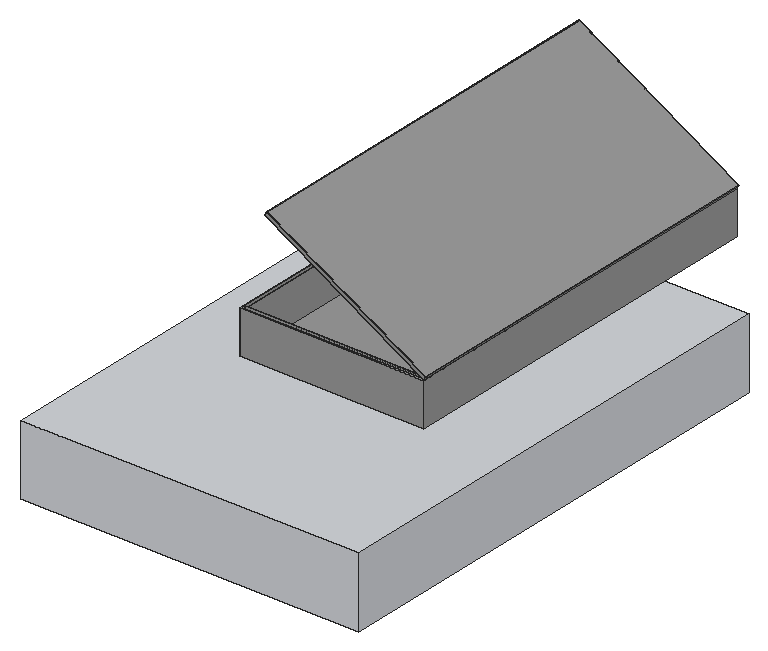
Revit family "Hager-Univers-IP44-D205-H1700-Cl.II-Encl-SE-en", category Equipement électrique, Revit 2020
Family settings
  Hôte = Face
  Configuration du panneau = Deux colonnes, circuits au sein
  Cote de connecteur circulaire = Utiliser le diamètre
  Type d'élément = Tableau de raccordement
  Couper avec des vides une fois chargée = Non
  Partagée = Non
  Point de calcul de pièce = Non
Parameters (values of type "Surface mounted (plaster) IP44 W800 H1700 D205  - FP13SN2")
  Width Control [instance] = if([EF000008 - Width] > Min Width, [EF000008 - Width], Min Width)  # 800 mm
  Commentaires du type = [HG000003 - Range]  # "Univers"
  Thickness Door [instance] = if([EF009171 - Material plate thickness door/cover] > 3 mm, 3 mm, [EF009171 - Material plate thickness door/cover])  # 1 mm
  Seal Frame Offset [instance] = 17 mm  # constant formula
  Plinth Visibility [instance] = [HG000027 - Plinth height] > 0 mm  # no
  Model = ""
  Min Width [instance] = 100 mm  # constant formula
  Min Height [instance] = 100 mm  # constant formula
  Min Depth [instance] = (2 * [EF009170 - Material plate thickness cabinet]) + 1 mm  # 3 mm
  Internal Frame Depth [instance] = (Door System Depth * 0.5)  # 9 mm
  Height Control [instance] = if([EF000040 - Height] > Min Height, [EF000040 - Height], Min Height)  # 1700 mm
  HG000027 - Plinth height = 0 mm
  HG000026 - Floor standing = no
  HG000024 - Bottom section height = 800 mm
  HG000023 - Double section enclosure = no
  HG000016 - Door 3d visibility [instance] = yes
  HG000015 - Clearance visibility [instance] = no
  HG000014 - Door on the right [instance] = yes
  HG000013 - Door on the left [instance] = not([HG000014 - Door on the right])  # no
  HG000012 - Door swing angle [instance] = 30.00°
  HG000010 - Asymmetric doors = no
  HG000009 - Double swing door = no
  HG000006 - Flush mounted = no
  HG000004 - Manufacturer reference = "FP13SN2"
  HG000003 - Range = "Univers"
  HG000002 - With door or cover = yes
  Frame Offset Bottom [instance] = 10 mm  # constant formula
  Frame Offset [instance] = 15 mm  # constant formula
  EF015940 - Cover with overpressure release = no
  EF011959 - Degree of protection (NEMA) = ""
  EF009554 - Number of openings for flange plates = 6
  EF009212 - Cover model = "EV000116 - Closed"
  EF009171 - Material plate thickness door/cover = 1 mm
  EF009170 - Material plate thickness cabinet = 1 mm
  Fabricant = "Hager"  # constant formula
  EF008873 - Nominal current (In) = 400 A
  EF007800 - Suitable for lightning protection = no
  EF006306 - With lock = no
  EF006244 - Transparent cover/door = no
  EF005474 - Degree of protection (IP) = "EV006418 - IP44"
  EF004464 - Type of door = "EV002646 - Single"
  EF004427 - Number of modules = 396
  EF004293 - Impact strength = "EV006815 - IK09"
  EF003532 - Suitable for outdoor use = no
  EF002950 - Width in number of modular spacings = 36
  EF001613 - Circuit integrity = "EV000494 - None"
  EF001596 - Material housing = "EV000179 - Steel"
  EF001131 - Internal depth = 143 mm
  EF001088 - Extension possible = yes
  EF000437 - Number of conduit inlets = 6
  EF000339 - Type of cover = "EV001012 - Cover"
  EF000266 - Number of rows = 11
  EF000218 - Built-in depth = 205 mm
  EF000118 - With mounting plate = no
  EF000116 - RAL-number = "9010"
  EF000049 - Depth = 205 mm
  EF000040 - Height = 1700 mm
  EF000008 - Width = 800 mm
  EF000007 - Colour = "EV000202 - White"
  EF000003 - Mounting method = "EV000384 - Surface mounted (plaster)"
  Door System Leaf Tolerance [instance] = 1.5 mm  # constant formula
  Door System Depth [instance] = 18 mm  # constant formula
  Door Height [instance] = Height Control - [HG000027 - Plinth height]  # 1700 mm
  Depth Control [instance] = if([EF000049 - Depth] > Min Depth, [EF000049 - Depth], Min Depth)  # 205 mm
  Default Elevation = 0 mm
  Connector Offset [instance] = Height Control / 2  # 850 mm
  Bottom Top Plate Trim [instance] = 1.5 mm  # constant formula
  Plinth height Ctrl [instance] = if([HG000027 - Plinth height] > 0 mm, [HG000027 - Plinth height], 12 mm)  # 12 mm
Types (5, lengths in mm): name | Width Control | HG000010 - Asymmetric doors | HG000009 - Double swing door | HG000004 - Manufacturer reference | EF009554 - Number of openings for flange plates | EF008873 - Nominal current (In) | EF004464 - Type of door | EF004427 - Number of modules | EF002950 - Width in number of modular spacings | EF000437 - Number of conduit inlets | EF000008 - Width
  Surface mounted (plaster) IP44 W1050 H1700 D205  - FP14SN2 | 1050 | no | yes | "FP14SN2" | 8 | 400 A | "EV003602 - Double" | 528 | 48 | 8 | 1050
  Surface mounted (plaster) IP44 W1300 H1700 D205  - FP15SN2 | 1300 | yes | yes | "FP15SN2" | 10 | 400 A | "EV003602 - Double" | 660 | 60 | 10 | 1300
  Surface mounted (plaster) IP44 W300 H1700 D205  - FP11SN2 | 300 | no | no | "FP11SN2" | 2 | 250 A | "EV002646 - Single" | 132 | 12 | 2 | 300
  Surface mounted (plaster) IP44 W550 H1700 D205  - FP12SN2 | 550 | no | no | "FP12SN2" | 4 | 250 A | "EV002646 - Single" | 264 | 24 | 4 | 550
  Surface mounted (plaster) IP44 W800 H1700 D205  - FP13SN2 | 800 | no | no | "FP13SN2" | 6 | 400 A | "EV002646 - Single" | 396 | 36 | 6 | 800
Reference planes
  plane 1 "Center (Front/Back)": y = 0
  plane 2: z = 0
  plane 3 "Center (Left/Right)": x = 0
  plane 4: z = 205
  plane 5: y = 1
  plane 6: y = 850
  plane 7: y = 0
  plane 8: y = 1700
  plane 9: z = 0
  plane 10: x = -385
  plane 11: x = 385
  plane 12: x = 384
  plane 13: x = -384
  plane 14: y = 1699
  plane 15: x = -383
  plane 16: x = -400
  plane 17: x = 383
  plane 18: x = 400
  plane 19: x = 399
  plane 20: x = -399
  plane 21: y = 11
  plane 22: y = 1700
  plane 23: y = 1684
  plane 24: z = 187
  plane 25: z = 1
  plane 26: z = 186
  plane 27: z = 204
Forms (mm)
  Extrusion 1, solid
    sketch origin (0, 0, 0) x (1, 0, 0) y (0, 1, 0)
      loop
        line (-702.964, 1305) -> (-702.964, -811.445) -> (766.763, -811.445) -> (766.763, 1305) -> (-702.964, 1305)
    from 0 to -304.8
  Extrusion 2, solid, material "Hager_Steel_RAL7035_Light_Grey", visible <- "Plinth Visibility", detail levels medium+fine
    sketch origin (0, 0, 0) x (1, 0, 0) y (0, 1, 0)
      loop
        line (-400, 0) -> (400, 0) -> (400, 12) -> (-400, 12) -> (-400, 0)
    from 0 to 187
  Extrusion 3, solid, material "Hager_Steel_RAL7035_Light_Grey", detail levels medium+fine
    sketch origin (0, 0, 0) x (1, 0, 0) y (0, 1, 0)
      loop
        line (-400, 0) -> (400, 0) -> (400, 1700) -> (-400, 1700) -> (-400, 0)
    from 0 to 187
  Extrusion 4, void
    sketch origin (0, 0, 0) x (1, 0, 0) y (0, 1, 0)
      loop
        line (-399, 1) -> (399, 1) -> (399, 1699) -> (-399, 1699) -> (-399, 1)
    from 1 to 186
  Extrusion 5, void
    sketch origin (-381.607, -4572, 187) x (0, -1, 0) y (-1, 0, 0)
      loop
        line (-4583, 2.393) -> (-6256, 2.393) -> (-6256, -765.607) -> (-4583, -765.607) -> (-4583, 2.393)
    from 0 to 1 <- "EF009170 - Material plate thickness cabinet"
  Extrusion 6, solid, material "Hager_Steel_RAL7035_Light_Grey", detail levels fine
    sketch origin (0, 0, 187) x (1, 0, 0) y (0, 1, 0)
      loop
        line (-384, 1684) -> (-384, 11) -> (384, 11) -> (384, 1684) -> (-384, 1684)
      loop
        line (-385, 10) -> (385, 10) -> (385, 1685) -> (-385, 1685) -> (-385, 10)
    from 0 to 9 <- "Internal Frame Depth"
  Extrusion 7, solid, material "Hager_Steel_RAL7035_Light_Grey", detail levels coarse
    sketch origin (0, 0, 0) x (1, 0, 0) y (0, 1, 0)
      loop
        line (-400, 0) -> (400, 0) -> (400, 1700) -> (-400, 1700) -> (-400, 0)
    from 0 to 205
  Sweep 8, void
    path in 3D
      loop
        line (-400, 12, 0) -> (400, 12, 0) -> (400, 12, 187) -> (-400, 12, 187) -> (-400, 12, 0)
    profile origin (-400, 12, 93.5) x (-1, 0, 0) y (0, -1, 0)
      loop
        line (0, 0) -> (0, 1.5) -> (-1.5, 1.5)
        arc (-1.5, 1.5) -> (-1.061, 0.439) -> (0, 0) r 1.5
Cuts and joins
  Extrusion 4, Extrusion 5 cuts Extrusion 3
  Sweep 8 cuts Extrusion 2
Lines and regions (mm)
  Masking region 1
    outline origin (0, 0, 0) x (1, 0, 0) y (0, 0, 1)
      loop
        line (-400, 205) -> (-400, 0) -> (400, 0) -> (400, 205) -> (-400, 205)
  Masking region 2, detail levels medium+fine
    outline origin (0, 140, 0) x (0, 1, 0) y (0, 0, 1)
      loop
        line (-140, 0) -> (1560, 0) -> (1560, 187) -> (-140, 187) -> (-140, 0)
  Masking region 3, not visible, detail levels medium+fine
    outline origin (0, 297.922, 0) x (0, 1, 0) y (0, 0, 1)
      loop
        line (563.578, 0) -> (603.578, 0) -> (603.578, 194)
        arc (603.578, 194) -> (600.649, 201.071) -> (593.578, 204) r 10
        line (593.578, 204) -> (563.578, 204) -> (563.578, 0)
  Masking region 4, detail levels coarse
    outline origin (0, 0, 180) x (0, 1, 0) y (0, 0, 1)
      loop
        line (0, -180) -> (1700, -180) -> (1700, 25) -> (0, 25) -> (0, -180)
  Masking region 5, visible <- "Plinth Visibility", detail levels medium+fine
    outline origin (0, 52.24, 12.345) x (0, 0, -1) y (0, 1, 0)
      loop
        line (10.845, -40.24) -> (-173.155, -40.24)
        arc (-173.155, -40.24) -> (-173.594, -41.301) -> (-174.655, -41.74) r 1.5
        line (-174.655, -41.74) -> (-174.655, -52.24) -> (12.345, -52.24) -> (12.345, -41.74)
        arc (12.345, -41.74) -> (11.285, -41.301) -> (10.845, -40.24) r 1.5
  Masking region 6, detail levels medium+fine
    outline origin (-381.607, -4572, 187) x (-1, 0, 0) y (0, -1, 0)
      loop
        line (18.393, -6272) -> (18.393, -4572) -> (-781.607, -4572) -> (-781.607, -6272) -> (18.393, -6272)
  Masking region 7, visible <- "Plinth Visibility", detail levels medium+fine
    outline origin (-381.607, -4727, 187) x (-1, 0, 0) y (0, -1, 0)
      loop
        arc (16.893, -4739) -> (17.332, -4737.939) -> (18.393, -4737.5) r 1.5
        line (18.393, -4737.5) -> (18.393, -4727) -> (-781.607, -4727) -> (-781.607, -4737.5)
        arc (-781.607, -4737.5) -> (-780.546, -4737.939) -> (-780.107, -4739) r 1.5
        line (-780.107, -4739) -> (16.893, -4739)
  Masking region 8, detail levels coarse
    outline origin (-442.548, -4669.526, 187) x (-1, 0, 0) y (0, -1, 0)
      loop
        line (-42.548, -6369.526) -> (-42.548, -4669.526) -> (-842.548, -4669.526) -> (-842.548, -6369.526) -> (-42.548, -6369.526)
  sketch lines
    curve 1: line (-400, 12, 187) -> (-400, 12, 0)
    curve 2: line (400, 12, 187) -> (-400, 12, 187)
    curve 3: line (400, 12, 187) -> (400, 12, 0)
    curve 4: line (-400, 12, 0) -> (400, 12, 0)
Dimensions and locks
  "Depth Control": plane 4 to Extrusion 1
  "HG000027 - Plinth height": plane 1 "Center (Front/Back)" to plane 7
  "EF009170 - Material plate thickness cabinet": plane 5 to plane 7
  locked: connector elem to plane 3 "Center (Left/Right)"
  equal spacing: plane 8, plane 6, plane 7
  locked: connector elem to plane 6
  "EF009170 - Material plate thickness cabinet": plane 8 to plane 14
  "EF009170 - Material plate thickness cabinet": plane 10 to plane 13
  "EF009170 - Material plate thickness cabinet": plane 12 to plane 11
  "Frame Offset": plane 20 to plane 13
  "Frame Offset": plane 12 to plane 19
  "EF009170 - Material plate thickness cabinet": plane 16 to plane 20
  "EF009170 - Material plate thickness cabinet": plane 19 to plane 18
  "Seal Frame Offset": plane 16 to plane 15
  "Seal Frame Offset": plane 17 to plane 18
  "Frame Offset Bottom": plane 21 to plane 5
  "Frame Offset": plane 14 to plane 23
  equal spacing: plane 16, plane 3 "Center (Left/Right)", plane 18
  "Width Control": plane 16 to plane 18
  "EF009170 - Material plate thickness cabinet": plane 4 to plane 27
  "EF009170 - Material plate thickness cabinet": plane 24 to plane 26
  "EF009170 - Material plate thickness cabinet": plane 25 to level
  "Door System Depth": plane 4 to plane 24
  "Height Control": plane 1 "Center (Front/Back)" to Extrusion 7 sketch curve
  "Height Control": Masking region 4 sketch curve to plane 1 "Center (Front/Back)"
  "Height Control": plane 1 "Center (Front/Back)" to plane 22
  "Bottom Top Plate Trim": profile plane to Sweep 8 sketch curve
  "Bottom Top Plate Trim": Sweep 8 sketch curve to profile plane
  "Plinth height Ctrl": plane 1 "Center (Front/Back)" to Extrusion 2 sketch curve
  "Plinth height Ctrl": Masking region 5 sketch curve to plane 1 "Center (Front/Back)"
  "Plinth height Ctrl": plane 1 "Center (Front/Back)" to Masking region 7 sketch curve
  "Thickness Door": Extrusion 6 sketch curve to Extrusion 6 sketch curve  (x3)
  "Thickness Door": cut or joined group of Extrusion 3, Extrusion 4, Extrusion 5 to Extrusion 6 sketch curve
  radius of Masking region 3 sketch curve = 10 mm
  "Bottom Top Plate Trim": radius of Masking region 5 sketch curve  (x2)
  "Bottom Top Plate Trim": radius of Sweep 8 sketch curve
  "Bottom Top Plate Trim": radius of Masking region 7 sketch curve  (x2)
  aligned and locked: plane 2 to Extrusion 1
  aligned and locked: level to Extrusion 1
  aligned and locked: level to Masking region 1 sketch curve
  aligned and locked: Masking region 1 sketch curve to plane 18
  aligned and locked: Masking region 1 sketch curve to plane 16
  aligned and locked: plane 7 to Masking region 2 sketch curve
  aligned and locked: level to Masking region 3 sketch curve
  aligned and locked: Masking region 3 sketch curve to plane 27
  aligned and locked: level to Masking region 2 sketch curve
  aligned and locked: plane 1 "Center (Front/Back)" to Extrusion 2 sketch curve
  aligned and locked: Extrusion 3 sketch curve to plane 7
  aligned and locked: plane 16 to Extrusion 3 sketch curve
  aligned and locked: plane 18 to Extrusion 3 sketch curve
  aligned and locked: plane 20 to Extrusion 4 sketch curve
  aligned and locked: plane 19 to Extrusion 4 sketch curve
  aligned and locked: Extrusion 4 sketch curve to plane 5
  aligned and locked: Extrusion 4 to plane 25
  aligned and locked: plane 26 to Extrusion 4
  aligned and locked: plane 24 to Extrusion 3
  aligned and locked: Extrusion 5 sketch curve to plane 21
  aligned and locked: Extrusion 5 sketch curve to plane 13
  aligned and locked: Extrusion 5 sketch curve to plane 12
  aligned and locked: plane 18 to Extrusion 7 sketch curve
  aligned and locked: plane 1 "Center (Front/Back)" to Extrusion 7 sketch curve
  aligned and locked: plane 16 to Extrusion 7 sketch curve
  aligned and locked: plane 4 to Extrusion 7
  aligned and locked: Extrusion 7 to level
  aligned and locked: level to Masking region 4 sketch curve
  aligned and locked: Masking region 4 sketch curve to plane 1 "Center (Front/Back)"
  aligned and locked: Masking region 4 sketch curve to plane 4
  aligned and locked: nested 1 to level
  aligned and locked: nested 1 to plane 16
  aligned and locked: plane 8 to Extrusion 3 sketch curve
  aligned and locked: plane 23 to Extrusion 5 sketch curve
  aligned and locked: plane 14 to Extrusion 4 sketch curve
  aligned and locked: Masking region 2 sketch curve to plane 8
  aligned and locked: level to Masking region 5 sketch curve
  aligned and locked: plane 16 to Extrusion 2 sketch curve
  aligned and locked: plane 18 to Extrusion 2 sketch curve
  aligned and locked: Masking region 5 sketch curve to plane 24
  aligned and locked: Masking region 2 sketch curve to plane 24
  aligned and locked: plane 24 to Extrusion 2
  aligned and locked: profile plane to Sweep 8 sketch curve  (x2)
  aligned and locked: Masking region 6 sketch curve to plane 18
  aligned and locked: Masking region 6 sketch curve to plane 22
  aligned and locked: Masking region 6 sketch curve to plane 16
  aligned and locked: plane 8 to plane 22
  aligned and locked: Masking region 6 sketch curve to plane 7
  aligned and locked: Masking region 7 sketch curve to plane 16
  aligned and locked: Masking region 7 sketch curve to plane 1 "Center (Front/Back)"
  aligned and locked: Masking region 7 sketch curve to plane 18
  aligned and locked: Masking region 8 sketch curve to plane 1 "Center (Front/Back)"
  aligned and locked: Masking region 8 sketch curve to plane 18
  aligned and locked: Masking region 8 sketch curve to plane 22
  aligned and locked: Masking region 8 sketch curve to plane 16
  aligned and locked: nested 2 to plane 7
  aligned and locked: plane 3 "Center (Left/Right)" to nested 2
  aligned and locked: nested 2 to plane 24
  aligned and locked: Extrusion 6 sketch curve to cut or joined group of Extrusion 3, Extrusion 4, Extrusion 5  (x4)
Automatic sketch dimensions
  Extrusion 1 sketch curve to Extrusion 1 sketch curve = 1469.727 mm
  Extrusion 1 sketch curve to Extrusion 1 sketch curve = 2116.445 mm
  Masking region 1 sketch curve to plane 4 = 0 mm
  plane 6 to Masking region 3 sketch curve = 11.5 mm
  Masking region 3 sketch curve to Masking region 3 sketch curve = 30 mm
  Masking region 5 sketch curve to plane 1 "Center (Front/Back)" = 0 mm
Nested families
  nested 1: "Hager_Enclosure_Symbol" at (-400, 0, 0) x (1, 0, 0) z (0, -1, 0), Height <- "Depth Control", Width <- "Width Control", type "Hager_Enclosure_Symbol"
    with Width_Ctrl 800 mm, Width 800 mm, Height_Ctrl 205 mm, Height 205 mm, A_Width_Int 13.453 mm, A_Width 161.438 mm, A_Height_Ctrl 179.375 mm, A_Height 179.375 mm
  nested 2: "EC000058_Univers_Door" at (0, 0, 187) x (1, 0, 0) z (0, 1, 0), Leaf_Tolerance <- "Door System Leaf Tolerance", Angle <- "HG000012 - Door swing angle", Door_Depth <- "Door System Depth", Door_Left <- "HG000013 - Door on the left", Transparent <- "EF006244 - Transparent cover/door", Assymetrical <- "HG000010 - Asymmetric doors", Width <- "Width Control", Clearance <- "HG000015 - Clearance visibility", Double <- "HG000009 - Double swing door", 3d_Door <- "HG000016 - Door 3d visibility", Lock_Visibility <- "EF006306 - With lock", Width_Ctrl <- "Width Control", Door_Right <- "HG000014 - Door on the right", Door <- "HG000002 - With door or cover", Height <- "Door Height", Thickness <- "Thickness Door", type "EC000058_Univers_Door", detail levels medium+fine
    with min_wh 3 mm, Width_Ctrl 800 mm, Width 800 mm, Transparent no, Thickness 1 mm, Seal_Material Hager_Rubber, Lock_Visibility no, Lock_Material Hager_Plastic_RAL9005_Jet_Black, Leaf_Width 800 mm, Leaf_Tolerance_External_Sides 0 mm, Leaf_Tolerance 1.5 mm, Leaf_Offset 0 mm, Leaf_Height 1697 mm, Leaf_2_Width 800 mm, Leaf_2_Offset 400 mm, Leaf_1_Width 800 mm, Leaf_1_Offset 400 mm, Height_Ctrl 1700 mm, Height 1700 mm, Glass_Material Hager_Glass, Double_Clearance_Ctrl no, Double no, Door_Right_Ctrl yes, Door_Right yes, Door_Material Hager_Steel_RAL7035_Light_Grey, Door_Left_Ctrl no, Door_Left no, Door_Depth 18 mm, Door yes, Clearance_Material Hager_Clearance, Clearance_Depth 800 mm, Clearance_Ctrl no, Clearance no, Assymetrical no, Angle 30.00°, 3d_Door yes
Connectors
  electrical at (0, 850, 0)
    settings: on plane 9, index 1, voltage 0 V, apparent load 0 VA, apparent load phase1 0 VA, apparent load phase2 0 VA, apparent load phase3 0 VA, power factor 1, load classification "Other", number of poles 1, system type 30, power factor state 1, is connector primary yes, connector utility no, sub classification motor no, connector description ""
Definition of nested family "EC000058_Univers_Door"
  Parameters (values of type "EC000058_Univers_Door")
    min_wh [instance] = (2 * Thickness) + 1 mm  # 11 mm
    Width_Ctrl [instance] = 400 mm
    Width [instance] = 500 mm
    Transparent [instance] = yes
    Thickness [instance] = 5 mm
    Seal_Material [instance] = none
    Lock_Visibility [instance] = yes
    Lock_Material [instance] = none
    Leaf_Width [instance] = if((Width_Ctrl - 2 * Leaf_Tolerance_External_Sides) > 0 mm, (Width_Ctrl - 2 * Leaf_Tolerance_External_Sides), min_wh)  # 400 mm
    Leaf_Tolerance_External_Sides [instance] = 0 mm  # constant formula
    Leaf_Tolerance [instance] = 1.5 mm
    Leaf_Offset [instance] = 0 mm  # constant formula
    Leaf_Height [instance] = if((Height_Ctrl - 2 * Leaf_Tolerance) > 0 mm, (Height_Ctrl - 2 * Leaf_Tolerance), min_wh)  # 497 mm
    Leaf_2_Width [instance] = if(and(and(Double, Assymetrical), Door_Left), (Leaf_Width / 3) - (Leaf_Tolerance / 2), if(and(and(Double, Assymetrical), Door_Right), (Leaf_Width / 3) * 2 - (Leaf_Tolerance / 2), if(and(Double, not(Assymetrical)), (Leaf_Width / 2) - Leaf_Tolerance, Leaf_Width)))  # 400 mm
    Leaf_2_Offset [instance] = if(and(Double, Assymetrical), Leaf_2_Width / 2, if(and(Double, not(Assymetrical)), Leaf_Width / 4, Leaf_Width / 2))  # 200 mm
    Leaf_1_Width [instance] = if(and(and(Double, Assymetrical), Door_Right), (Leaf_Width / 3) - (Leaf_Tolerance / 2), if(and(and(Double, Assymetrical), Door_Left), (Width / 3) * 2 - (Leaf_Tolerance / 2), if(and(Double, not(Assymetrical)), (Leaf_Width / 2) - Leaf_Tolerance, Leaf_Width)))  # 400 mm
    Leaf_1_Offset [instance] = if(and(Double, Assymetrical), Leaf_1_Width / 2, if(and(Double, not(Assymetrical)), Leaf_Width / 4, Leaf_Width / 2))  # 200 mm
    Height_Ctrl [instance] = if(Height > min_wh, Height, min_wh)  # 500 mm
    Height [instance] = 500 mm
    Glass_Material [instance] = none
    Double_Clearance_Ctrl [instance] = and(Double, Clearance)  # no
    Double [instance] = no
    Door_Right_Ctrl [instance] = and(or(Door_Right, Double), Door)  # yes
    Door_Right [instance] = yes
    Door_Material [instance] = none
    Door_Left_Ctrl [instance] = and(or(Door_Left, Double), Door)  # no
    Door_Left [instance] = no
    Door_Depth [instance] = 30 mm
    Door [instance] = yes
    Default Elevation = 1219.2 mm
    Clearance_Material [instance] = none
    Clearance_Depth [instance] = if(Leaf_1_Width > Leaf_2_Width, Leaf_1_Width, Leaf_2_Width)  # 400 mm
    Clearance_Ctrl [instance] = and(not(Double), Clearance)  # yes
    Clearance [instance] = yes
    Assymetrical [instance] = yes
    Angle [instance] = 30.00°
    3d_Door [instance] = yes
  Reference planes
    plane 1 "Center (Front/Back)": y = 0
    plane 2 "Bottom": z = 0
    plane 3 "Center (Left/Right)": x = 0
    plane 4: z = 500
    plane 5: x = -200
    plane 6: x = 200
    plane 7: z = 500
    plane 8: x = -200
    plane 9: z = 0
    plane 10: x = 200
    plane 11: y = 0
    plane 12: z = 1.5
    plane 13: x = -600
    plane 14: y = -400
    plane 15: x = 600
    plane 16: x = 0
    plane 17: x = 0
    plane 18: x = -200
    plane 19: x = 200
    plane 20: z = 498.5
  Forms (mm)
    Extrusion 1, solid, material <- "Clearance_Material", visible <- "Double_Clearance_Ctrl"
      sketch origin (1200, 0, 0) x (1, 0, 0) y (0, 0, -1)
        loop
          line (-1800, -498.5) -> (-600, -498.5) -> (-600, 0) -> (-1800, 0) -> (-1800, -498.5)
      from 0 to -400
  Dimensions and locks
    equal spacing: plane 5, plane 3 "Center (Left/Right)", plane 6
    "Width_Ctrl": plane 5 to plane 6
    "Leaf_Offset": plane 5 to plane 8
    "Leaf_Offset": plane 6 to plane 10
    "Leaf_Offset": plane 9 to level
    "Leaf_Offset": plane 4 to plane 7
    "Height_Ctrl": plane 4 to level
    "Leaf_Tolerance": plane 12 to plane 9
    locked: plane 11 to plane 1 "Center (Front/Back)"
    "Leaf_1_Offset": plane 18 to plane 16
    "Leaf_2_Offset": plane 17 to plane 19
    "Leaf_1_Width": plane 13 to plane 8
    "Leaf_2_Width": plane 10 to plane 15
    "Clearance_Depth": plane 14 to plane 1 "Center (Front/Back)"
    "Leaf_Tolerance_External_Sides": plane 8 to plane 18
    "Leaf_Tolerance_External_Sides": plane 19 to plane 10
    "Leaf_Tolerance": plane 7 to plane 20
    aligned and locked: level to plane 2 "Bottom"
    aligned and locked: nested 1 to plane 16
    aligned and locked: nested 2 to plane 17
    aligned and locked: Extrusion 1 to plane 13
    aligned and locked: plane 15 to Extrusion 1
    aligned and locked: Extrusion 1 to plane 14
    aligned and locked: plane 12 to nested 1
    aligned and locked: nested 2 to plane 12
    aligned and locked: Extrusion 1 to plane 11
    aligned and locked: plane 20 to Extrusion 1
    aligned and locked: nested 2 to plane 11
    aligned and locked: nested 1 to plane 11
  Automatic sketch dimensions
    Extrusion 1 sketch curve to level = 0 mm
    plane 5 to Extrusion 1 sketch curve = 400 mm
    plane 6 to Extrusion 1 sketch curve = 400 mm
    Extrusion 1 sketch curve to plane 4 = 1.5 mm
  Nested families
    nested 1: "EC000058_Univers_Door_Leaf" at (0, 0, 1.5), Width <- "Leaf_1_Width", visible <- "Door_Left_Ctrl", Leaf_Height <- "Leaf_Height", Angle <- "Angle", 3d_Door <- "3d_Door", Transparent <- "Transparent", Clearance Material <- "Clearance_Material", Clearance <- "Clearance_Ctrl", Door_Material <- "Door_Material", Glass_Material <- "Glass_Material", Door_Depth <- "Door_Depth", Lock_Material <- "Lock_Material", Seal_Material <- "Seal_Material", Lock_Visibility <- "Lock_Visibility", Thickness <- "Thickness", type "EC000058_Univers_Door_Leaf"
      with Width 400 mm, Transparent_Glass_Offset 30 mm, Transparent_Ctrl yes, Transparent yes, Thickness 5 mm, Standard no, Seal_Material none, Seal_D2 8 mm, Seal_D1 1 mm, Offset_Internal_Frame 10 mm, Lock_Width 20 mm, Lock_Visibility_3d yes, Lock_Visibility yes, Lock_Thickness_3 3 mm, Lock_Thickness_2 1 mm, Lock_Thickness_1 3 mm, Lock_Radius_Offset_2 16 mm, Lock_Radius_Offset_1 15 mm, Lock_Radius_2 5 mm, Lock_Radius 6 mm, Lock_Offset 5 mm, Lock_Material none, Lock_Height 80 mm, Lock_Cover_Top_Offset_2d 17 mm, Lock_Cover_Height -65 mm, Leaf_Height 497 mm, Internal_Seal_Thickness 8 mm, Internal_Seal_Depth_2 4.5 mm, Internal_Frame_Depth 25 mm, Glass_Thickness -1 mm, Glass_Offset -2 mm, Glass_Material none, Door_Material none, Door_Depth 30 mm, Clearance Material none, Clearance yes, Angle_Ctrl 30.00°, Angle 30.00°, 3d_Door yes
    nested 2: "EC000058_Univers_Door_Leaf" at (0, 0, 1.5) x (-1, 0, 0) z (0, 0, 1), Width <- "Leaf_2_Width", visible <- "Door_Right_Ctrl", Leaf_Height <- "Leaf_Height", Angle <- "Angle", 3d_Door <- "3d_Door", Transparent <- "Transparent", Clearance Material <- "Clearance_Material", Clearance <- "Clearance_Ctrl", Door_Material <- "Door_Material", Glass_Material <- "Glass_Material", Door_Depth <- "Door_Depth", Lock_Material <- "Lock_Material", Seal_Material <- "Seal_Material", Lock_Visibility <- "Lock_Visibility", Thickness <- "Thickness", type "EC000058_Univers_Door_Leaf"
      with Width 400 mm, Transparent_Glass_Offset 30 mm, Transparent_Ctrl yes, Transparent yes, Thickness 5 mm, Standard no, Seal_Material none, Seal_D2 8 mm, Seal_D1 1 mm, Offset_Internal_Frame 10 mm, Lock_Width 20 mm, Lock_Visibility_3d yes, Lock_Visibility yes, Lock_Thickness_3 3 mm, Lock_Thickness_2 1 mm, Lock_Thickness_1 3 mm, Lock_Radius_Offset_2 16 mm, Lock_Radius_Offset_1 15 mm, Lock_Radius_2 5 mm, Lock_Radius 6 mm, Lock_Offset 5 mm, Lock_Material none, Lock_Height 80 mm, Lock_Cover_Top_Offset_2d 17 mm, Lock_Cover_Height -65 mm, Leaf_Height 497 mm, Internal_Seal_Thickness 8 mm, Internal_Seal_Depth_2 4.5 mm, Internal_Frame_Depth 25 mm, Glass_Thickness -1 mm, Glass_Offset -2 mm, Glass_Material none, Door_Material none, Door_Depth 30 mm, Clearance Material none, Clearance yes, Angle_Ctrl 30.00°, Angle 30.00°, 3d_Door yes
  Definition of nested family "EC000058_Univers_Door_Leaf"
    Parameters (values of type "EC000058_Univers_Door_Leaf")
      Width [instance] = 2000 mm
      Transparent_Glass_Offset [instance] = 30 mm
      Transparent_Ctrl [instance] = and(Transparent, [3d_Door])  # yes
      Transparent [instance] = yes
      Thickness [instance] = 5 mm
      Standard [instance] = and(not(Transparent), [3d_Door])  # no
      Seal_Material [instance] = none
      Seal_D2 [instance] = 8 mm  # constant formula
      Seal_D1 [instance] = 1 mm  # constant formula
      Offset_Internal_Frame [instance] = 10 mm  # constant formula
      Lock_Width [instance] = 20 mm  # constant formula
      Lock_Visibility_3d [instance] = and(Lock_Visibility, [3d_Door])  # yes
      Lock_Visibility [instance] = yes
      Lock_Thickness_3 [instance] = 3 mm  # constant formula
      Lock_Thickness_2 [instance] = 1 mm  # constant formula
      Lock_Thickness_1 [instance] = 3 mm  # constant formula
      Lock_Radius_Offset_2 [instance] = Lock_Radius_Offset_1 + 1 mm  # 16 mm
      Lock_Radius_Offset_1 [instance] = 15 mm  # constant formula
      Lock_Radius_2 [instance] = Lock_Radius - 1 mm  # 5 mm
      Lock_Radius [instance] = 6 mm  # constant formula
      Lock_Offset [instance] = 5 mm  # constant formula
      Lock_Material [instance] = none
      Lock_Height [instance] = 80 mm  # constant formula
      Lock_Cover_Top_Offset_2d [instance] = Lock_Radius_Offset_2 + 1 mm  # 17 mm
      Lock_Cover_Height [instance] = -(Lock_Height - Lock_Radius_Offset_1)  # -65 mm
      Leaf_Height [instance] = 2720.336 mm
      Internal_Seal_Thickness [instance] = 8 mm  # constant formula
      Internal_Seal_Depth_2 [instance] = 4.5 mm  # constant formula
      Internal_Frame_Depth [instance] = if(Door_Depth - Thickness > 5 mm, Door_Depth - Thickness, 5 mm)  # 25 mm
      Glass_Thickness [instance] = if(Thickness > 15 mm, Glass_Offset + 10 mm, -1 mm)  # -1 mm
      Glass_Offset [instance] = if(Thickness > 15 mm, -(Thickness + 10 mm) / 2, -2 mm)  # -2 mm
      Glass_Material [instance] = none
      Door_Material [instance] = none
      Door_Depth [instance] = 30 mm
      Default Elevation = 0 mm
      Clearance Material [instance] = none
      Clearance [instance] = yes
      Angle_Ctrl [instance] = if(Angle > 180.00°, 180.00°, Angle)  # 90.00°
      Angle [instance] = 90.00°
      3d_Door [instance] = yes
    Reference planes
      plane 1 "Center (Front/Back)": y = 0
      plane 2: z = 0
      plane 3 "Center (Left/Right)": x = 0
      plane 4: y = 2000
      plane 5: x = -1000
      plane 6: x = 1000
      plane 7: x = -3000
      plane 8: z = 2720.336
      plane 9: z = 30
      plane 10: z = 2690.336
      plane 11: x = 970
      plane 12: x = -970
      plane 13: y = -3
      plane 14: z = 107.833
      plane 15: y = -5
      plane 16: y = -223.314
      plane 17: x = -1000
      plane 18: z = 1360.168
      plane 19: y = 30
    Forms (mm)
      Extrusion 1, solid, material <- "Clearance Material", visible <- "Clearance"
        sketch origin (0, 0, 0) x (1, 0, 0) y (0, 0, 1)
          loop
            line (-3000, 2720.336) -> (-3000, 0) -> (1000, 0) -> (1000, 2720.336) -> (-3000, 2720.336)
        from 0 to -2000
      Extrusion 2, solid, material <- "Door_Material", visible <- "Standard", detail levels medium+fine
        sketch origin (-1000, 0, 0) x (0, 1, 0) y (-1, 0, 0)
          loop
            line (0, 30) -> (0, 25) -> (2000, 25) -> (2000, 30) -> (0, 30)
        from 0 to 2720.336 <- "Leaf_Height"
      Extrusion 3, solid, material <- "Door_Material", visible <- "Transparent_Ctrl", detail levels medium+fine
        sketch origin (-1000, 0, 0) x (0, 1, 0) y (-1, 0, 0)
          loop
            line (0, 25) -> (2000, 25) -> (2000, 30) -> (0, 30) -> (0, 25)
        from 0 to 2720.336 <- "Leaf_Height"
      Extrusion 4, void
        sketch origin (-1025, 2000, 0) x (0, 1, 0) y (0, 0, -1)
          loop
            line (-30, -2690.336) -> (-30, -30) -> (-1970, -30) -> (-1970, -2690.336) -> (-30, -2690.336)
        from 0 to 5 <- "Thickness"
      Sweep 5, solid, material <- "Seal_Material", visible <- "Transparent_Ctrl", detail levels fine
        path in 3D
          loop
            line (-1025, 30, 30) -> (-1025, 30, 2690.336) -> (-1025, 1970, 2690.336) -> (-1025, 1970, 30) -> (-1025, 30, 30)
        profile origin (-1025, 1000, 30) x (1, 0, 0) y (0, 0, 1)
          loop
            line (0, 0) -> (0, -8) -> (1, -8) -> (1, 0) -> (0, 0)
      Extrusion 6, solid, material <- "Glass_Material", visible <- "Transparent_Ctrl", detail levels medium+fine
        sketch origin (-1030, 0, 0) x (0, 1, 0) y (0, 0, -1)
          loop
            line (1970, -2690.336) -> (1970, -30) -> (30, -30) -> (30, -2690.336) -> (1970, -2690.336)
        from -2 <- "Glass_Offset" to -1 <- "Glass_Thickness"
      Extrusion 7, solid, material <- "Door_Material", visible <- "3d_Door", detail levels medium+fine
        sketch origin (-1025, 2000, 0) x (0, -1, 0) y (0, 0, -1)
          loop
            line (0, -2720.336) -> (2000, -2720.336) -> (2000, 0) -> (0, 0) -> (0, -2720.336)
          loop
            line (1995, -5) -> (5, -5) -> (5, -2715.336) -> (1995, -2715.336) -> (1995, -5)
        from 0 to 25 <- "Internal_Frame_Depth"
      Sweep 8, solid, material <- "Seal_Material", visible <- "Transparent_Ctrl", detail levels fine
        path in 3D
          loop
            line (-1025, 0, 0) -> (-1025, 2000, 0) -> (-1025, 2000, 2720.336) -> (-1025, 0, 2720.336) -> (-1025, 0, 0)
        profile origin (-1025, 0, 1360.168) x (1, 0, 0) y (0, 1, 0)
          loop
            line (0, 10) -> (2.975, 10)
            arc (2.975, 10) -> (4.053, 10.447) -> (4.5, 11.525) r 1.525
            line (4.5, 11.525) -> (4.5, 16.527)
            arc (4.5, 16.527) -> (4.069, 17.569) -> (3.027, 18) r 1.473
            line (3.027, 18) -> (0, 18) -> (0, 10)
      Extrusion 9, solid, material <- "Lock_Material", visible <- "Lock_Visibility_3d", detail levels fine
        sketch origin (-1030, 0, 0) x (0, 1, 0) y (0, 0, -1)
          loop
            arc (1993.5, -1400.168) -> (1994.561, -1399.729) -> (1995, -1398.668) r 1.5
            line (1995, -1398.668) -> (1995, -1320.168) -> (1975, -1320.168) -> (1975, -1398.668)
            arc (1975, -1398.668) -> (1975.439, -1399.729) -> (1976.5, -1400.168) r 1.5
            line (1976.5, -1400.168) -> (1993.5, -1400.168)
        from 3 <- "Lock_Thickness_1" to 0
      Blend 10, solid, material <- "Lock_Material", visible <- "Lock_Visibility_3d", detail levels fine
        base sketch origin (-1033, 0, 0) x (0, 1, 0) y (0, 0, -1)
          loop
            line (1975, -1320.168) -> (1975, -1398.668)
            arc (1975, -1398.668) -> (1975.439, -1399.729) -> (1976.5, -1400.168) r 1.5
            line (1976.5, -1400.168) -> (1993.5, -1400.168)
            arc (1993.5, -1400.168) -> (1994.561, -1399.729) -> (1995, -1398.668) r 1.5
            line (1995, -1398.668) -> (1995, -1320.168) -> (1975, -1320.168)
        top sketch origin (-1033, 0, 0) x (0, 1, 0) y (0, 0, -1)
          loop
            line (1976, -1320.168) -> (1976, -1398.668)
            arc (1976, -1398.668) -> (1976.146, -1399.022) -> (1976.5, -1399.168) r 0.5
            line (1976.5, -1399.168) -> (1993.5, -1399.168)
            arc (1993.5, -1399.168) -> (1993.854, -1399.022) -> (1994, -1398.668) r 0.5
            line (1994, -1398.668) -> (1994, -1320.168) -> (1976, -1320.168)
        from 0 to 1 <- "Lock_Thickness_2"
      Blend 11, solid, material <- "Lock_Material", visible <- "Lock_Visibility_3d", detail levels fine
        base sketch origin (-1034, 0, 0) x (0, 1, 0) y (0, 0, -1)
          loop
            line (1978, -1320.168) -> (1978, -1384.168)
            arc (1978, -1384.168) -> (1985, -1391.168) -> (1992, -1384.168) r 7
            line (1992, -1384.168) -> (1992, -1320.168) -> (1978, -1320.168)
        top sketch origin (-1034, 0, 0) x (0, 1, 0) y (0, 0, -1)
          loop
            line (1991, -1320.168) -> (1979, -1320.168) -> (1979, -1383.168)
            arc (1979, -1383.168) -> (1985, -1389.168) -> (1991, -1383.168) r 6
            line (1991, -1383.168) -> (1991, -1320.168)
        from 0 to 3 <- "Lock_Thickness_3"
      Extrusion 12, solid, material <- "Lock_Material", visible <- "Lock_Visibility_3d", detail levels fine
        sketch origin (-1030, 1975, 1320.168) x (1, 0, 0) y (0, -1, 0)
          loop
            line (-7, -19) -> (-7, -1) -> (0, -1) -> (0, 0) -> (-8, 0) -> (-8, -20) -> (0, -20) -> (0, -19) -> (-7, -19)
        from 0 to -65 <- "Lock_Cover_Height"
      Extrusion 13, void
        sketch origin (-1038, 1995, 1320.168) x (-1, 0, 0) y (0, 0, -1)
          loop
            line (-5, -65) -> (0, -65) -> (-5, -60) -> (-5, -65)
        from 0 to 20 <- "Lock_Width"
      Extrusion 14, void
        sketch origin (-1038, 1975, 1320.168) x (0, -1, 0) y (0, 0, -1)
          loop
            circle (-10, -15.995) r 6
          loop
            circle (-10, -15.995) r 5
        from 0 to 2
      Extrusion 15, solid, material <- "Lock_Material", visible <- "Lock_Visibility_3d", detail levels medium
        sketch origin (-1030, 0, 0) x (0, 1, 0) y (0, 0, -1)
          loop
            arc (1993.5, -1400.168) -> (1994.561, -1399.729) -> (1995, -1398.668) r 1.5
            line (1995, -1398.668) -> (1995, -1320.168) -> (1975, -1320.168) -> (1975, -1398.668)
            arc (1975, -1398.668) -> (1975.439, -1399.729) -> (1976.5, -1400.168) r 1.5
            line (1976.5, -1400.168) -> (1993.5, -1400.168)
        from 8 to 0
    Cuts and joins
      Extrusion 4 cuts Extrusion 3
      Extrusion 13, Extrusion 14 cuts Extrusion 9
      Extrusion 14 cuts Blend 11
      Extrusion 13, Extrusion 14 cuts Extrusion 12
      joined: Extrusion 9, Blend 10, Blend 11, Extrusion 12
      Extrusion 14 cuts Extrusion 15
    Lines and regions (mm)
      Masking region 1, visible <- "Lock_Visibility", detail levels fine
        outline origin (0, 0, 0) x (0, 1, 0) y (0, 0, 1)
          loop
            line (30, 1320.168) -> (33, 1320.168) -> (33, 1400.168) -> (30, 1400.168) -> (30, 1320.168)
      Masking region 2, visible <- "Lock_Visibility", detail levels fine
        outline origin (0, 3.143, 0) x (0, 1, 0) y (0, 0, 1)
          loop
            line (29.857, 1354.168) -> (30.857, 1354.168) -> (30.857, 1366.168) -> (29.857, 1366.168) -> (29.857, 1354.168)
      Masking region 3, detail levels medium+fine
        outline origin (0, 0, 0) x (0, 1, 0) y (0, 0, 1)
          loop
            line (0, 0) -> (30, 0) -> (30, 2720.336) -> (0, 2720.336) -> (0, 0)
      Masking region 4, detail levels medium+fine
        outline origin (0, 0, 0) x (1, 0, 0) y (0, 0, 1)
          loop
            line (-1000, 2720.336) -> (-1000, 0) -> (1000, 0) -> (1000, 2720.336) -> (-1000, 2720.336)
      Masking region 5, visible <- "Lock_Visibility", detail levels fine
        outline origin (-47.116, 0, 0) x (1, 0, 0) y (0, 0, 1)
          loop
            arc (1024.616, 1399.168) -> (1023.556, 1398.729) -> (1023.116, 1397.668) r 1.5
            line (1023.116, 1397.668) -> (1023.116, 1320.168) -> (1041.116, 1320.168) -> (1041.116, 1397.668)
            arc (1041.116, 1397.668) -> (1040.677, 1398.729) -> (1039.616, 1399.168) r 1.5
            line (1039.616, 1399.168) -> (1024.616, 1399.168)
      Masking region 6, visible <- "Lock_Visibility", detail levels medium+fine
        outline origin (-25, 0, 0) x (1, 0, 0) y (0, 0, 1)
          loop
            arc (1001.5, 1400.168) -> (1000.439, 1399.729) -> (1000, 1398.668) r 1.5
            line (1000, 1398.668) -> (1000, 1320.168) -> (1020, 1320.168) -> (1020, 1398.668)
            arc (1020, 1398.668) -> (1019.561, 1399.729) -> (1018.5, 1400.168) r 1.5
            line (1018.5, 1400.168) -> (1001.5, 1400.168)
      Masking region 7, visible <- "Lock_Visibility", detail levels fine
        outline origin (-73.735, 0, 0) x (1, 0, 0) y (0, 0, 1)
          loop
            line (1051.735, 1382.168) -> (1065.735, 1382.168) -> (1065.735, 1384.168)
            arc (1065.735, 1384.168) -> (1058.735, 1391.168) -> (1051.735, 1384.168) r 7
            line (1051.735, 1384.168) -> (1051.735, 1382.168)
      Masking region 8, visible <- "Lock_Visibility", detail levels fine
        outline origin (-73.735, 0, 0) x (1, 0, 0) y (0, 0, 1)
          loop
            line (1052.735, 1382.168) -> (1064.735, 1382.168) -> (1064.735, 1383.168)
            arc (1064.735, 1383.168) -> (1058.735, 1389.168) -> (1052.735, 1383.168) r 6
            line (1052.735, 1383.168) -> (1052.735, 1382.168)
      Masking region 9, visible <- "Lock_Visibility", detail levels fine
        outline origin (-25, 0, 0) x (1, 0, 0) y (0, 0, 1)
          loop
            line (1020, 1320.168) -> (1020, 1382.168) -> (1000, 1382.168) -> (1000, 1320.168) -> (1020, 1320.168)
      Masking region 10, detail levels medium+fine
        outline origin (0, 0, 0) x (1, 0, 0) y (0, 0, 1)
          loop
            circle (985, 1335.144) r 6
      Masking region 11, detail levels fine
        outline origin (0, 0, 0) x (1, 0, 0) y (0, 0, 1)
          loop
            circle (985, 1335.144) r 5
      Masking region 12, visible <- "Lock_Visibility", detail levels fine
        outline origin (0, 12.767, 0) x (0, 1, 0) y (0, 0, 1)
          loop
            line (20.233, 1320.168) -> (21.233, 1320.168) -> (21.233, 1399.168) -> (20.233, 1400.168) -> (20.233, 1320.168)
      Masking region 13, visible <- "Lock_Visibility", detail levels fine
        outline origin (0, 13.767, -10) x (0, 1, 0) y (0, 0, 1)
          loop
            line (20.233, 1330.168) -> (23.233, 1330.168) -> (23.233, 1399.168) -> (20.233, 1402.168) -> (20.233, 1330.168)
      Masking region 14, visible <- "Lock_Visibility", detail levels fine
        outline origin (0, 12.767, -10) x (0, 1, 0) y (0, 0, 1)
          loop
            line (20.233, 1330.168) -> (25.233, 1330.168) -> (25.233, 1399.305) -> (20.233, 1394.305) -> (20.233, 1330.168)
      Masking region 15, visible <- "Lock_Visibility", detail levels medium
        outline origin (0, 0, 0) x (0, 1, 0) y (0, 0, 1)
          loop
            line (30, 1320.168) -> (38, 1320.168) -> (38, 1400.168) -> (30, 1400.168) -> (30, 1320.168)
      Masking region 16, visible <- "Lock_Visibility", detail levels fine
        outline origin (-1000, 0, 0) x (0, 1, 0) y (-1, 0, 0)
          loop
            line (1975, 30) -> (1995, 30) -> (1995, 38) -> (1975, 38) -> (1975, 30)
          loop
            line (1979, 37) -> (1976, 37) -> (1976, 34) -> (1978, 34) -> (1979, 37)
          loop
            line (1994, 37) -> (1991, 37) -> (1992, 34) -> (1994, 34) -> (1994, 37)
      Masking region 17, visible <- "Lock_Visibility", detail levels medium
        outline origin (-1000, 0, 0) x (0, 1, 0) y (-1, 0, 0)
          loop
            line (1975, 30) -> (1995, 30) -> (1995, 38) -> (1975, 38) -> (1975, 30)
      symbolic lines
        curve 1: line (1000, 0, 0) -> (-3000, 0, 0)
        curve 2: arc (1000, 0, 0) -> (-1000, 2000, 0) -> (-3000, 0, 0) r 2000
        curve 4: line (-1030, 0, 0) -> (-1030, 2000, 0)
      reference lines
        curve 3: line (-1000, 0, 0) -> (-1000, 2000, 0)
      symbolic lines, detail levels medium+fine
        curve 5: line (-1030, 2000, 0) -> (-1025, 2000, 0)
        curve 7: line (-1025, 0, 0) -> (-1030, 0, 0)
        curve 8: line (-1025, 0, 0) -> (-1000, 0, 0)
        curve 9: line (-1000, 0, 0) -> (-1000, 2000, 0)
        curve 10: line (-1000, 2000, 0) -> (-1025, 2000, 0)
      symbolic lines, detail levels fine
        curve 6: line (-1025, 2000, 0) -> (-1025, 0, 0)
      sketch lines
        curve 11: line (-1025, 0, 2720.336) -> (-1025, 0, 0)
        curve 12: line (-1025, 2000, 0) -> (-1025, 0, 0)
        curve 13: line (-1025, 2000, 2720.336) -> (-1025, 2000, 0)
        curve 14: line (-1025, 0, 2720.336) -> (-1025, 2000, 2720.336)
        curve 15: line (-1025, 1970, 30) -> (-1025, 30, 30)
        curve 16: line (-1025, 30, 30) -> (-1025, 30, 2690.336)
        curve 17: line (-1025, 1970, 2690.336) -> (-1025, 1970, 30)
        curve 18: line (-1025, 30, 2690.336) -> (-1025, 1970, 2690.336)
      symbolic lines, visible <- "Transparent", detail levels medium+fine
        curve 19: line (-970, 0, 2690.336) -> (970, 0, 2690.336)
        curve 20: line (-970, 0, 30) -> (-970, 0, 2690.336)
        curve 21: line (970, 0, 30) -> (-970, 0, 30)
        curve 22: line (970, 0, 2690.336) -> (970, 0, 30)
    Dimensions and locks
      "Width": plane 1 "Center (Front/Back)" to plane 4
      equal spacing: plane 5, plane 3 "Center (Left/Right)", plane 6
      "Width": plane 5 to plane 6
      "Width": plane 7 to plane 5
      "Leaf_Height": plane 8 to level
      "Width": curve 5 to curve 3
      "Width": curve 3 to curve 3
      plane 8 to plane 10 = 30 mm
      plane 9 to level = 30 mm
      plane 12 to plane 5 = 30 mm
      plane 6 to plane 11 = 30 mm
      Extrusion 1 to Extrusion 4 sketch curve = 30 mm
      "Transparent_Glass_Offset": curve 3 to Extrusion 4 sketch curve
      "Transparent_Glass_Offset": Extrusion 4 sketch curve to cut or joined group of Extrusion 3, Extrusion 4  (x2)
      cut or joined group of Extrusion 3, Extrusion 4 to Extrusion 6 sketch curve = 30 mm
      "Transparent_Glass_Offset": cut or joined group of Extrusion 3, Extrusion 4 to Extrusion 4 sketch curve
      "Thickness": curve 6 to curve 4
      "Thickness": Extrusion 7 sketch curve to Extrusion 7 sketch curve  (x4)
      "Door_Depth": curve 4 to curve 3
      "Offset_Internal_Frame": profile plane to Sweep 8 sketch curve
      "Internal_Seal_Thickness": Sweep 8 sketch curve to Sweep 8 sketch curve
      "Internal_Seal_Depth_2": profile plane to Sweep 8 sketch curve
      "Seal_D1": profile plane to Sweep 5 sketch curve
      "Seal_D2": profile plane to Sweep 5 sketch curve
      "Thickness": Extrusion 2 sketch curve to Extrusion 2 sketch curve
      equal spacing: Extrusion 9 sketch curve, plane 18, Extrusion 9 sketch curve  (x2)
      equal spacing: Masking region 1 sketch curve, plane 18, Masking region 1 sketch curve
      "Lock_Height": Masking region 1 sketch curve to Masking region 1 sketch curve
      "Lock_Radius": Masking region 2 sketch curve to plane 18 to Masking region 2 sketch curve
      Masking region 2 sketch curve to Masking region 1 = 1 mm
      "Door_Depth": plane 19 to plane 1 "Center (Front/Back)"
      "Lock_Thickness_1": Masking region 1 sketch curve to plane 19
      "Lock_Width": Extrusion 9 sketch curve to Extrusion 9 sketch curve
      "Lock_Height": Extrusion 9 sketch curve to Extrusion 9 sketch curve
      "Lock_Offset": cut or joined group of Extrusion 3, Extrusion 4 to Extrusion 9 sketch curve
      equal spacing: plane 8, plane 18, level
      "Lock_Radius_Offset_1": Blend 11 sketch curve to Blend 10
      locked: Blend 10 to Blend 11 sketch curve at 2  (x2)
      locked: var sketch to Blend 11 sketch curve at 1  (x2)
      "Lock_Radius_Offset_2": Blend 11 sketch curve to Blend 10
      locked: Extrusion 12 sketch curve to Extrusion 12 sketch curve at 1  (x3)
      Masking region 6 sketch curve to Masking region 6 sketch curve = 80 mm
      "Lock_Height": Masking region 6 sketch curve to Masking region 6 sketch curve
      "Lock_Width": Masking region 6 sketch curve to Masking region 6 sketch curve
      locked: Masking region 6 to Masking region 5 sketch curve at 1  (x3)
      locked: Masking region 5 to Masking region 7 sketch curve at 2  (x2)
      "Lock_Radius_Offset_1": Masking region 5 to Masking region 7 sketch curve
      "Lock_Radius_Offset_2": Masking region 5 to Masking region 8 sketch curve
      locked: Masking region 7 to Masking region 8 sketch curve at 1  (x2)
      "Lock_Cover_Top_Offset_2d": Masking region 5 to Masking region 9 sketch curve
      equal spacing: Masking region 9, Masking region 10 sketch curve, Masking region 9
      equal spacing: Masking region 9, Masking region 11 sketch curve, Masking region 9
      Extrusion 15 sketch curve to Extrusion 15 sketch curve = 80 mm
      "Lock_Width": Extrusion 15 sketch curve to Extrusion 15 sketch curve
      "Lock_Height": Extrusion 15 sketch curve to Extrusion 15 sketch curve
      equal spacing: Extrusion 15 sketch curve, plane 18, Extrusion 15 sketch curve
      "Lock_Thickness_3": Masking region 13 sketch curve to Masking region 13 sketch curve
      "Lock_Height": Masking region 12 sketch curve to Masking region 12 sketch curve
      locked: Masking region 13 sketch curve to Masking region 1 at 8
      locked: Masking region 14 sketch curve to Masking region 13 at 1
      locked: Masking region 14 sketch curve to Masking region 1 at 10.863
      "Lock_Height": Masking region 15 sketch curve to Masking region 15 sketch curve
      "Lock_Offset": Extrusion 15 sketch curve to cut or joined group of Extrusion 3, Extrusion 4
      "Lock_Offset": plane 6 to Masking region 6 sketch curve
      radius of Sweep 8 sketch curve = 1.525 mm
      radius of Sweep 8 sketch curve = 1.473 mm
      radius of Extrusion 9 sketch curve = 1.5 mm  (x2)
      "Lock_Radius": radius of Extrusion 14 sketch curve
      "Lock_Radius_2": radius of Extrusion 14 sketch curve
      "Lock_Radius": radius of Masking region 10 sketch curve
      "Lock_Radius_2": radius of Masking region 11 sketch curve
      radius of Extrusion 15 sketch curve = 1.5 mm  (x2)
      "Angle_Ctrl": angle plane 1 "Center (Front/Back)" to curve 3
      locked: Masking region 12 sketch curve to Masking region 12 sketch curve (angle 45.00°)
      locked: Masking region 13 sketch curve to Masking region 13 sketch curve (angle 45.00°)
      locked: Masking region 14 sketch curve to Masking region 14 sketch curve (angle 45.00°)
      aligned and locked: level to plane 2
      aligned and locked: Extrusion 1 to curve 1
      aligned and locked: plane 6 to Extrusion 1
      aligned and locked: Extrusion 1 to plane 1 "Center (Front/Back)"
      aligned and locked: plane 4 to Extrusion 1
      aligned and locked: plane 8 to Extrusion 1
      aligned and locked: curve 7 to Extrusion 2 sketch curve
      aligned and locked: curve 5 to Extrusion 2 sketch curve
      aligned and locked: curve 7 to Extrusion 3 sketch curve
      aligned and locked: Extrusion 3 sketch curve to curve 4
      aligned and locked: Extrusion 3 sketch curve to curve 6
      aligned and locked: Extrusion 3 sketch curve to curve 5
      aligned and locked: curve 9 to curve 3
      aligned and locked: Extrusion 7 sketch curve to cut or joined group of Extrusion 3, Extrusion 4  (x4)
      aligned and locked: plane 17 to curve 3
      aligned and locked: plane 1 "Center (Front/Back)" to curve 3
      aligned and locked: plane 17 to plane 5
      aligned and locked: Sweep 8 sketch curve to profile plane
      aligned and locked: Sweep 5 sketch curve to profile plane  (x2)
      aligned and locked: Masking region 1 to Masking region 2 sketch curve
      aligned and locked: plane 19 to Masking region 1 sketch curve
      aligned and locked: plane 1 "Center (Front/Back)" to Masking region 3 sketch curve
      aligned and locked: plane 19 to Masking region 3 sketch curve
      aligned and locked: level to Masking region 3 sketch curve
      aligned and locked: Masking region 3 sketch curve to plane 8
      aligned and locked: plane 17 to Masking region 4 sketch curve
      aligned and locked: level to Masking region 4 sketch curve
      aligned and locked: Masking region 4 sketch curve to plane 8
      aligned and locked: plane 12 to curve 20
      aligned and locked: plane 10 to curve 19
      aligned and locked: plane 11 to curve 22
      aligned and locked: curve 21 to plane 9
      aligned and locked: Extrusion 2 sketch curve to cut or joined group of Extrusion 3, Extrusion 4
      aligned and locked: Blend 10 sketch curve to Extrusion 9  (x4)
      aligned and locked: Extrusion 9 to Blend 10 sketch curve
      aligned and locked: Blend 10 to Blend 11 sketch curve
      aligned and locked: Extrusion 12 sketch curve to Blend 11
      aligned and locked: Extrusion 12 sketch curve to Extrusion 9  (x4)
      aligned and locked: Masking region 5 sketch curve to Masking region 6
      aligned and locked: Masking region 9 sketch curve to Masking region 6  (x3)
      aligned and locked: Masking region 12 sketch curve to Masking region 1
      aligned and locked: Masking region 13 sketch curve to Masking region 1
      aligned and locked: Masking region 12 to Masking region 14
      aligned and locked: Masking region 14 sketch curve to Masking region 1
      aligned and locked: Masking region 15 sketch curve to Masking region 14
      aligned and locked: Masking region 13 sketch curve to Masking region 12
      aligned and locked: Masking region 16 sketch curve to cut or joined group of Extrusion 14, Extrusion 15  (x4)
      aligned and locked: Masking region 16 sketch curve to cut or joined group of Extrusion 9, Blend 10, Blend 11, Extrusion 12, Extrusion 13, Extrusion 14  (x6)
      aligned and locked: cut or joined group of Extrusion 9, Blend 10, Blend 11, Extrusion 12, Extrusion 13, Extrusion 14 to Masking region 16 sketch curve
      aligned and locked: Masking region 17 sketch curve to cut or joined group of Extrusion 14, Extrusion 15  (x3)
      aligned and locked: Masking region 17 sketch curve to cut or joined group of Extrusion 9, Blend 10, Blend 11, Extrusion 12, Extrusion 13, Extrusion 14
      aligned and locked: Masking region 9 to Masking region 8 sketch curve
      aligned and locked: Masking region 9 to Masking region 7 sketch curve
    Automatic sketch dimensions
      plane 1 "Center (Front/Back)" to curve 2 = 0 mm
      curve 2 to plane 5 = 0 mm
      Extrusion 1 sketch curve to level = 0 mm
      Extrusion 1 sketch curve to plane 7 = 0 mm
      Extrusion 1 sketch curve to plane 6 = 0 mm
      Extrusion 1 sketch curve to plane 8 = 0 mm
      Extrusion 3 to Extrusion 6 sketch curve = 30 mm  (x4)
      Masking region 4 sketch curve to plane 6 = 0 mm
      Blend 10 sketch curve to Extrusion 9 = 1.5 mm
      Blend 10 sketch curve to Extrusion 9 = 1 mm
      Extrusion 13 sketch curve to Extrusion 12 = 0 mm  (x2)
      Extrusion 12 to Extrusion 13 sketch curve = 3 mm
      Extrusion 13 sketch curve to Extrusion 12 = 5 mm
      Extrusion 14 sketch curve to Extrusion 14 sketch curve = 0 mm  (x2)
      Extrusion 14 sketch curve to Extrusion 12 = 10 mm
      Extrusion 14 sketch curve to Extrusion 12 = 15.995 mm
      Masking region 5 sketch curve to Masking region 5 sketch curve = 1.5 mm  (x2)
      Masking region 10 sketch curve to plane 18 = 25.024 mm
      Masking region 11 sketch curve to plane 18 = 25.024 mm
      plane 19 to Masking region 14 sketch curve = 3 mm
      Masking region 16 sketch curve to Masking region 16 sketch curve = 3 mm
      curve 4 to curve 3 = 0 mm
      Blend 10 to Blend 11 sketch curve = 0 mm
      Masking region 6 sketch curve to Masking region 6 sketch curve = 1.5 mm  (x2)
      Masking region 6 sketch curve to plane 18 = 40 mm
      plane 19 to Masking region 12 sketch curve = 3 mm
      Masking region 12 sketch curve to Masking region 12 sketch curve = 1 mm
      Masking region 15 sketch curve to plane 19 = 0 mm
      Masking region 15 sketch curve to plane 18 = 40 mm
      radius of Blend 10 sketch curve to Extrusion 9 = 1 mm
Definition of nested family "Hager_Enclosure_Symbol"
  Parameters (values of type "Hager_Enclosure_Symbol")
    Width_Ctrl [instance] = if(Width > 1 mm, Width, 1 mm)  # 102.27 mm
    Width [instance] = 102.27 mm
    Height_Ctrl [instance] = if(Height > 1 mm, Height, 1 mm)  # 66.5 mm
    A_Width_Int [instance] = if(A_Width / 12 > 2 mm, A_Width / 12, 2 mm)  # 4.364 mm
    A_Width [instance] = if(A_Height_Ctrl * 0.9 > 2 mm, A_Height_Ctrl * 0.9, 2 mm)  # 52.369 mm
    A_Height_Ctrl [instance] = if(A_Height > 2 mm, A_Height, 2 mm)  # 58.188 mm
    Height [instance] = 66.5 mm
    A_Height [instance] = Height - (Height / 8)  # 58.188 mm
  Reference planes
    plane 1 "Centre (avant/arrière)": y = 0
    plane 2: z = 0
    plane 3 "Centre (gauche/droite)": x = 0
    plane 4: x = 52.369
    plane 5: y = 33.042
    plane 6: y = 41.77
    plane 7: y = 66.5
    plane 8: x = 26.184
    plane 9: y = 37.406
    plane 10: x = 102.27
    plane 11: y = 66.5
    plane 12: y = 8.313
  Lines and regions (mm)
    Filled region 1, type "Solid_Black", in view "Niveau de réf."
      outline origin (0, 0, 0) x (1, 0, 0) y (0, 1, 0)
        loop
          line (52.369, 66.5) -> (33.188, 54.536) -> (45.365, 45.006) -> (52.369, 66.5)
    Filled region 2, type "Solid_Black", in view "Niveau de réf."
      outline origin (0, 0, 0) x (1, 0, 0) y (0, 1, 0)
        loop
          line (0, 0) -> (102.27, 0) -> (102.27, 66.5) -> (0, 0)
    detail lines, in view "Niveau de réf."
      curve 1: line (0, 8.313, 0) -> (26.184, 41.77, 0)
      curve 2: line (26.184, 41.77, 0) -> (26.184, 33.042, 0)
      curve 3: line (26.184, 33.042, 0) -> (52.369, 66.5, 0)
  Dimensions and locks
    "A_Width": plane 3 "Centre (gauche/droite)" to plane 4
    equal spacing: plane 3 "Centre (gauche/droite)", plane 8, plane 4
    equal spacing: plane 6, plane 9, plane 5
    equal spacing: curve 3, Filled region 1 sketch curve, Filled region 1 sketch curve
    "Height_Ctrl": plane 1 "Centre (avant/arrière)" to plane 11
    "A_Height_Ctrl": plane 11 to plane 12
    equal spacing: plane 11, plane 9, plane 12
    "A_Width_Int": plane 6 to plane 9
    "Width_Ctrl": plane 3 "Centre (gauche/droite)" to plane 10
    angle Filled region 1 sketch curve to curve 3 = 20.00°
    angle curve 3 to Filled region 1 sketch curve = 20.00°
    locked: curve 3 to Filled region 1 sketch curve (angle 90.00°)
    aligned and locked: plane 10 to Filled region 2
    aligned and locked: plane 11 to Filled region 2 sketch curve
    aligned and locked: plane 10 to Filled region 2 sketch curve
    aligned and locked: plane 3 "Centre (gauche/droite)" to curve 1
    aligned and locked: plane 12 to curve 1
    aligned and locked: plane 7 to plane 11
  Automatic sketch dimensions
    Filled region 1 sketch curve to plane 4 = 0 mm
    Filled region 1 sketch curve to plane 7 = 0 mm
    plane 1 "Centre (avant/arrière)" to Filled region 2 sketch curve = 0 mm
    Filled region 2 sketch curve to plane 3 "Centre (gauche/droite)" = 0 mm
    curve 2 to plane 6 = 0 mm
    curve 2 to plane 8 = 0 mm
    curve 3 to plane 4 = 0 mm
    curve 2 to plane 5 = 0 mm
    curve 3 to plane 7 = 0 mm
